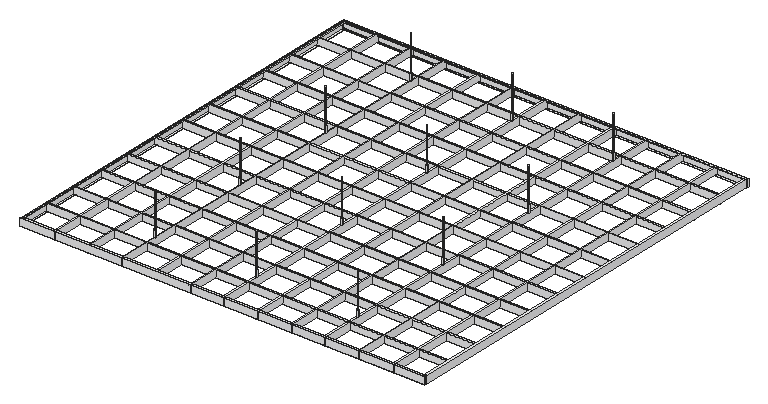
Revit family "FalsoTecho_THU_Rejilla-Milán-40", category Modelos genéricos, Revit 2016
Family settings
  Tipo de pieza = Normal
  Puede alojar armadura = No
  Cota de conector redondo = Diámetro de uso
  Número OmniClass = 23.35.70.24.11.17.14.11
  Título OmniClass = Metal Linear Ceilings
  Se basa en plano de trabajo = Sí
  Siempre vertical = No
  Corte con vacíos al cargar = Sí
  Compartido = No
  Punto de cálculo de habitación = No
Parameters (values of type "Aluminio_40x600x200x10")
  Tirantes_Separación real [instance] = (((Perfil secundario_Intereje * Bandejas_Recuento longitudinal) - Bandejas_Separación) - (Tirante inicial_Distancia a extremo * 2)) / (Tirantes_Recuento - 1)  # 630.167 mm
  Tirantes_Separación aproximada [instance] = 1000 mm  # constant formula
  Tirantes_Recuento [instance] = (((Perfil secundario_Intereje * Bandejas_Recuento longitudinal) - Bandejas_Separación) - (Tirante inicial_Distancia a extremo * 2)) / Tirantes_Separación aproximada + 2  # 4
  Tirante_Longitud [instance] = THU_Falso techo_Plenum altura  # 250 mm
  Tirante inicial_Distancia a extremo [instance] = if(Bandejas_Recuento longitudinal < 2, 25 mm, 250 mm)  # 250 mm
  THU_Velo = 1 > 2  # no
  THU_Subestructura_Material = "Aluminio"
  THU_Subestructura_Color [instance] = THU_Blanco-RAL9003
  THU_Reacción al fuego = "A2-s1, d0"
  THU_Perfil primario = Rastrel_THU_Milán : Rastrel_THU_Soporte 40
  THU_Falso techo_Área [instance] = ((Perfil secundario_Intereje * Bandejas_Recuento longitudinal) - Bandejas_Separación) * ((Perfil primario_Intereje * Bandejas_Recuento transversal) - Bandejas_Separación)  # 5.71449 m²
  THU_Falso techo_Plenum altura [instance] = 250 mm
  THU_Falso techo_Longitud [instance] = 2500 mm
  THU_Falso techo_Anchura [instance] = 2500 mm
  THU_Falso techo_Altura libre [instance] = 2500 mm
  THU_Bandeja_Material = "Aluminio"
  THU_Bandeja_Color [instance] = THU_Blanco-RAL9003
  THU_Bandeja = Bandeja_THU_Milán-40 : 200mm_(3x3 cuadrados)
  THU_Acabado = Acabado_THU_Bandejas : Liso
  Solape_Perfil y rastrel = Bandeja_Grosor  # 41 mm
  Rejilla_Separación tranversal = 193.7 mm
  Rejilla_Separación longitudinal = 193.7 mm
  Rejilla_Recuento transversal = 2
  Rejilla_Recuento longitudinal = 2
  Perfil_Altura = 41 mm  # constant formula
  Página web del producto = "http://thu.es/producto/rejilla-milan-cuadricula-milan/"
  Página web del fabricante = "http://thu.es/"
  Perfiles secundarios_Recuento [instance] = Bandejas_Recuento longitudinal - 1  # 3
  Perfiles primarios_Recuento [instance] = Bandejas_Recuento transversal - 1  # 3
  Perfil transversal_Rejilla_Longitud = Perfil secundario_Intereje - (Bandejas_Separación)  # 590.5 mm
  Perfil_Rejilla_Anchura = 9.5 mm  # constant formula
  Perfil_Rejilla_Altura = 41 mm  # constant formula
  Perfil secundario_Longitud [instance] = ((Perfil primario_Intereje * Bandejas_Recuento transversal) - Bandejas_Separación)  # 2390.5 mm
  Perfil secundario_Intereje = 600 mm
  Perfil primario_Longitud [instance] = ((Perfil secundario_Intereje * Bandejas_Recuento longitudinal) - Bandejas_Separación)  # 2390.5 mm
  Perfil primario_Intereje = 600 mm
  Perfil perimetral_Anchura [instance] = 15 mm  # constant formula
  Perfil perimetral trans_Longitud [instance] = Perfil secundario_Longitud + 2 mm  # 2392.5 mm
  Perfil perimetral long_Longitud [instance] = Perfil primario_Longitud - (Perfil perimetral_Anchura * 2) + 2 mm  # 2362.5 mm
  Perfil perimetral 04 [instance] = yes
  Perfil perimetral 03_Distancia a bandeja [instance] = (Bandejas_Recuento longitudinal * 590.5 mm) + ((Bandejas_Recuento longitudinal - 1) * (Bandejas_Separación)) + 5.8 mm  # 2396.3 mm
  Perfil perimetral 03 [instance] = yes
  Perfil perimetral 02_Distancia a bandeja [instance] = (Bandejas_Recuento transversal * 590.5 mm) + ((Bandejas_Recuento transversal - 1) * (Bandejas_Separación)) + 5.8 mm  # 2396.3 mm
  Perfil perimetral 02 [instance] = yes
  Perfil perimetral 01 y 04_Distancia a bandeja [instance] = Perfil perimetral_Anchura - 11.3 mm  # 3.7 mm
  Perfil perimetral 01 [instance] = yes
  Perfil perimetral [instance] = Perfiles perimetrales_THU : U40
  Perfil longitudinal_Rejilla_Longitud = Perfil primario_Intereje - (Bandejas_Separación)  # 590.5 mm
  País de fabricación = "España"
  País de diseño = "España"
  Omniclass = "23.35.70.24.11.17.14.11"
  Número de edición (versión) = 0
  Nombre del objeto = "Rejilla Milán 40"
  NBS Reference Description = "Board suspended ceiling system"
  NBS Reference = "20-10-10/110"
  Marca = "THU"
  Manual de montaje = "http://thu.es/wp-content/uploads/manuals/MM-Techos-Cuadricula-Milan.pdf"
  Fabricante = "THU Perfil S.L."
  Descripción = "Rejilla Milán en aluminio prelacado de altura 40 ó 50 mm y ancho de nervio 10mm, formando módulos de 600x600 mm con un tamaño de cuadrado interior según modelo. Los módulos de rejilla se insertan en una estructura formada por perfiles primarios y secundarios. La estructura se sustenta del forjado superior mediante piezas de cuelgue y varillas roscadas colocadas sobre los perfiles primarios. Dichos perfiles tienen el mismo ancho, alto y color que las rejillas.Existe una gran diversidad de rejillas. Por un lado se tienen las rejillas de altura 40 y 50 mm. A su vez cada uno de estos tipos se divide en rejillas de módulo: 50 (12x12 cuadrados), 60 (10x10), 75 (8x8), 86 (7x7), 100 (6x6), 150 (4x4) y 200 mm (3x3 cuadrados). El montaje de las rejillas se realiza en fábrica."
  Comentarios de tipo = "Falso techo decorativo suspendido de Rejilla/Cuadrícula Milán para ser montado en interior de edificios con perfilería THU T15."
  Bandejas_Recuento longitudinal [instance] = THU_Falso techo_Longitud / Perfil secundario_Intereje  # 4
  Bandejas_Recuento [instance] = Bandejas_Recuento longitudinal * Bandejas_Recuento transversal  # 16
  Inicio de extrusión = 0 mm  # constant formula
  IFC Classification = "Ceiling"
  Grupo del producto = "Lamas"
  Ficha técnica = "http://thu.es/wp-content/uploads/datasheets/ft-rejilla-milan-thu.pdf"
  Ficha resumen = "http://thu.es/wp-content/uploads/datasheets/THU_Techos_metalicos_Rejilla_cuadricula_Milan.pdf"
  Fecha de publicación del objeto BIM = ""
  Famila del producto = "Techos metálicos"
  Falso techo_Grosor = Bandeja_Grosor  # 41 mm
  Default Elevation = 0 mm
  Declaración de prestaciones = "http://thu.es/wp-content/uploads/declarations/dp_bandejas_milan.pdf"
  COBie Type Category = "L387 : Suspended ceilings"
  Bandejas_Separación = 9.5 mm  # constant formula
  Bandejas_Recuento transversal [instance] = THU_Falso techo_Anchura / Perfil primario_Intereje  # 4
  Bandeja_Grosor = Perfil_Rejilla_Altura  # 41 mm
Types (7, lengths in mm): name | THU_Bandeja | Rejilla_Separación tranversal | Rejilla_Separación longitudinal | Rejilla_Recuento transversal | Rejilla_Recuento longitudinal
  Aluminio_40x600x50x10 | Bandeja_THU_Milán-40 : 50mm_(12x12 cuadrados) | 41.292 | 41.292 | 11 | 11
  Aluminio_40x600x60x10 | Bandeja_THU_Milán-40 : 60mm_(10x10 cuadrados) | 51.45 | 51.45 | 9 | 9
  Aluminio_40x600x75x10 | Bandeja_THU_Milán-40 : 75mm_(8x8 cuadrados) | 66.688 | 66.688 | 7 | 7
  Aluminio_40x600x86x10 | Bandeja_THU_Milán-40 : 86mm_(7x7 cuadrados) | 77.571 | 77.571 | 6 | 6
  Aluminio_40x600x100x10 | Bandeja_THU_Milán-40 : 100mm_(6x6 cuadrados) | 92.083 | 92.083 | 5 | 5
  Aluminio_40x600x150x10 | Bandeja_THU_Milán-40 : 150mm_(4x4 cuadrados) | 142.875 | 142.875 | 3 | 3
  Aluminio_40x600x200x10 | Bandeja_THU_Milán-40 : 200mm_(3x3 cuadrados) | 193.7 | 193.7 | 2 | 2
Reference planes
  plane 1 "Centro (Frontal/Posterior)": y = 0
  plane 2: z = 0
  plane 3 "Centro (Izquierda/Derecha)": x = 0
  plane 4 "Bandejas_Límite inferior": z = 2500
  plane 5 "Rastreles_Límite inferior": z = 2500
  plane 6 "Rastreles_Límite superior": z = 2541
  plane 7 "Bandejas_Límite superior": z = 2541
  plane 8 "Tirantes_Parte superior": z = 2791
  plane 9 "Falso techo_Límite derecho": x = 2500
  plane 10 "Falso techo_Límite superior": y = 2500
Dimensions and locks
  "Perfil_Altura": plane 6 "Rastreles_Límite superior" to plane 5 "Rastreles_Límite inferior"
  "THU_Falso techo_Altura libre": level to plane 4 "Bandejas_Límite inferior"
  "Bandeja_Grosor": plane 7 "Bandejas_Límite superior" to plane 4 "Bandejas_Límite inferior"
  "Solape_Perfil y rastrel": plane 7 "Bandejas_Límite superior" to plane 5 "Rastreles_Límite inferior"
  "THU_Falso techo_Plenum altura": plane 8 "Tirantes_Parte superior" to plane 6 "Rastreles_Límite superior"
  "THU_Falso techo_Anchura": plane 3 "Centro (Izquierda/Derecha)" to plane 9 "Falso techo_Límite derecho"
  "THU_Falso techo_Longitud": plane 1 "Centro (Frontal/Posterior)" to plane 10 "Falso techo_Límite superior"
  "Perfil primario_Intereje": plane 3 "Centro (Izquierda/Derecha)" to nested 1
  equal spacing: group 1, group 2, group 3  (x3)
  "Perfil primario_Intereje": nested 1 to nested 2
  "Perfil secundario_Intereje": plane 1 "Centro (Frontal/Posterior)" to nested 4
  equal spacing: group 4, group 5, group 6  (x3)
  "Perfil secundario_Intereje": nested 4 to nested 5
  equal spacing: group 7, group 8, group 9, group 10  (x3)
  "Perfil perimetral 02_Distancia a bandeja": plane 3 "Centro (Izquierda/Derecha)" to nested 12
  "Perfil perimetral 03_Distancia a bandeja": plane 1 "Centro (Frontal/Posterior)" to nested 13
  "Perfil perimetral 01 y 04_Distancia a bandeja": plane 3 "Centro (Izquierda/Derecha)" to nested 11
  "Perfil perimetral 01 y 04_Distancia a bandeja": plane 3 "Centro (Izquierda/Derecha)" to nested 13
  aligned and locked: level to plane 2
  aligned and locked: nested 1 to plane 5 "Rastreles_Límite inferior"
  aligned and locked: nested 2 to plane 5 "Rastreles_Límite inferior"
  aligned and locked: nested 4 to plane 5 "Rastreles_Límite inferior"
  aligned and locked: nested 5 to plane 5 "Rastreles_Límite inferior"
  aligned and locked: plane 4 "Bandejas_Límite inferior" to nested 7
  aligned and locked: plane 4 "Bandejas_Límite inferior" to nested 8
  aligned and locked: nested 11 to nested 1
  aligned and locked: nested 11 to nested 14
  aligned and locked: nested 14 to nested 7
  aligned and locked: nested 12 to nested 11
Nested families
  nested 1: "Rastrel_THU_Milán" at (600, 4.8, 2500), Tirante inicial_Distancia a extremo <- "Tirante inicial_Distancia a extremo", Tirante_Longitud <- "Tirante_Longitud", Tirantes_Recuento <- "Tirantes_Recuento", THU_Color <- "THU_Subestructura_Color", Rastrel_Longitud <- "Perfil primario_Longitud", Rastrel_Altura <- "Perfil_Altura", THU_Material <- "THU_Subestructura_Material", type "Rastrel_THU_Soporte 40"
    with Tirantes_Recuento 4, Tirantes yes, Tirante_Longitud 250 mm, Tirante inicial_Distancia a extremo 250 mm, THU_Recuento (ml) 2390.5 mm, THU_Material "Aluminio", THU_Color THU_Blanco-RAL9003, Rastrel_Longitud 2390.5 mm, Rastrel_Anchura 9.5 mm, Rastrel_Altura 41 mm
  nested 2: "Rastrel_THU_Milán" at (1200, 4.8, 2500), Tirante inicial_Distancia a extremo <- "Tirante inicial_Distancia a extremo", Tirante_Longitud <- "Tirante_Longitud", Tirantes_Recuento <- "Tirantes_Recuento", THU_Color <- "THU_Subestructura_Color", Rastrel_Longitud <- "Perfil primario_Longitud", Rastrel_Altura <- "Perfil_Altura", THU_Material <- "THU_Subestructura_Material", type "Rastrel_THU_Soporte 40"
    with Tirantes_Recuento 4, Tirantes yes, Tirante_Longitud 250 mm, Tirante inicial_Distancia a extremo 250 mm, THU_Recuento (ml) 2390.5 mm, THU_Material "Aluminio", THU_Color THU_Blanco-RAL9003, Rastrel_Longitud 2390.5 mm, Rastrel_Anchura 9.5 mm, Rastrel_Altura 41 mm
  nested 3: "Rastrel_THU_Milán" at (1800, 4.8, 2500), Tirante inicial_Distancia a extremo <- "Tirante inicial_Distancia a extremo", Tirante_Longitud <- "Tirante_Longitud", Tirantes_Recuento <- "Tirantes_Recuento", THU_Color <- "THU_Subestructura_Color", Rastrel_Longitud <- "Perfil primario_Longitud", Rastrel_Altura <- "Perfil_Altura", THU_Material <- "THU_Subestructura_Material", type "Rastrel_THU_Soporte 40"
    with Tirantes_Recuento 4, Tirantes yes, Tirante_Longitud 250 mm, Tirante inicial_Distancia a extremo 250 mm, THU_Recuento (ml) 2390.5 mm, THU_Material "Aluminio", THU_Color THU_Blanco-RAL9003, Rastrel_Longitud 2390.5 mm, Rastrel_Anchura 9.5 mm, Rastrel_Altura 41 mm
  nested 4: "Rastrel_THU_Milán" at (4.8, 600, 2500) x (0, -1, 0) z (0, 0, 1), Tirante inicial_Distancia a extremo <- "Tirante inicial_Distancia a extremo", Tirante_Longitud <- "Tirante_Longitud", Tirantes_Recuento <- "Tirantes_Recuento", THU_Color <- "THU_Subestructura_Color", Rastrel_Longitud <- "Perfil secundario_Longitud", Rastrel_Altura <- "Perfil_Altura", THU_Material <- "THU_Subestructura_Material", type "Rastrel_THU_Soporte 40"
    with Tirantes_Recuento 4, Tirantes no, Tirante_Longitud 250 mm, Tirante inicial_Distancia a extremo 250 mm, THU_Recuento (ml) 2390.5 mm, THU_Material "Aluminio", THU_Color THU_Blanco-RAL9003, Rastrel_Longitud 2390.5 mm, Rastrel_Anchura 9.5 mm, Rastrel_Altura 41 mm
  nested 5: "Rastrel_THU_Milán" at (4.8, 1200, 2500) x (0, -1, 0) z (0, 0, 1), Tirante inicial_Distancia a extremo <- "Tirante inicial_Distancia a extremo", Tirante_Longitud <- "Tirante_Longitud", Tirantes_Recuento <- "Tirantes_Recuento", THU_Color <- "THU_Subestructura_Color", Rastrel_Longitud <- "Perfil secundario_Longitud", Rastrel_Altura <- "Perfil_Altura", THU_Material <- "THU_Subestructura_Material", type "Rastrel_THU_Soporte 40"
    with Tirantes_Recuento 4, Tirantes no, Tirante_Longitud 250 mm, Tirante inicial_Distancia a extremo 250 mm, THU_Recuento (ml) 2390.5 mm, THU_Material "Aluminio", THU_Color THU_Blanco-RAL9003, Rastrel_Longitud 2390.5 mm, Rastrel_Anchura 9.5 mm, Rastrel_Altura 41 mm
  nested 6: "Rastrel_THU_Milán" at (4.8, 1800, 2500) x (0, -1, 0) z (0, 0, 1), Tirante inicial_Distancia a extremo <- "Tirante inicial_Distancia a extremo", Tirante_Longitud <- "Tirante_Longitud", Tirantes_Recuento <- "Tirantes_Recuento", THU_Color <- "THU_Subestructura_Color", Rastrel_Longitud <- "Perfil secundario_Longitud", Rastrel_Altura <- "Perfil_Altura", THU_Material <- "THU_Subestructura_Material", type "Rastrel_THU_Soporte 40"
    with Tirantes_Recuento 4, Tirantes no, Tirante_Longitud 250 mm, Tirante inicial_Distancia a extremo 250 mm, THU_Recuento (ml) 2390.5 mm, THU_Material "Aluminio", THU_Color THU_Blanco-RAL9003, Rastrel_Longitud 2390.5 mm, Rastrel_Anchura 9.5 mm, Rastrel_Altura 41 mm
  nested 7: "Bandeja_THU_Milán-40" at (4.75, -4.75, 2500), Inicio de extrusión <- "Inicio de extrusión", Perfil longitudinal_Rejilla_Longitud <- "Perfil longitudinal_Rejilla_Longitud", Perfil transversal_Rejilla_Longitud <- "Perfil transversal_Rejilla_Longitud", Perfil_Rejilla_Altura <- "Perfil_Rejilla_Altura", Perfil_Rejilla_Anchura <- "Perfil_Rejilla_Anchura", Rejilla_Recuento longitudinal <- "Rejilla_Recuento longitudinal", Rejilla_Recuento transversal <- "Rejilla_Recuento transversal", Rejilla_Separación longitudinal <- "Rejilla_Separación longitudinal", Rejilla_Separación transversal <- "Rejilla_Separación tranversal", THU_Color <- "THU_Bandeja_Color", THU_Material <- "THU_Bandeja_Material", Bandejas_Separación <- "Bandejas_Separación", Bandejas_Recuento transversal <- "Bandejas_Recuento transversal", type <- "THU_Bandeja", type "200mm_(3x3 cuadrados)"
    with Tipo de bandeja none, THU_Recuento (ud) 4, THU_Material "Aluminio", THU_Color THU_Blanco-RAL9003, Rejilla_Separación transversal 193.7 mm, Rejilla_Separación longitudinal 193.7 mm, Rejilla_Recuento transversal 2, Rejilla_Recuento longitudinal 2, Perfil_Rejilla_Anchura 9.5 mm, Perfil_Rejilla_Altura 41 mm, Perfil transversal_Rejilla_Longitud 590.5 mm, Perfil longitudinal_Rejilla_Longitud 590.5 mm, Inicio de extrusión 0 mm, Bandejas_Separación 9.5 mm, Bandejas_Recuento transversal 4
  nested 8: "Bandeja_THU_Milán-40" at (4.75, 595.25, 2500), Inicio de extrusión <- "Inicio de extrusión", Perfil longitudinal_Rejilla_Longitud <- "Perfil longitudinal_Rejilla_Longitud", Perfil transversal_Rejilla_Longitud <- "Perfil transversal_Rejilla_Longitud", Perfil_Rejilla_Altura <- "Perfil_Rejilla_Altura", Perfil_Rejilla_Anchura <- "Perfil_Rejilla_Anchura", Rejilla_Recuento longitudinal <- "Rejilla_Recuento longitudinal", Rejilla_Recuento transversal <- "Rejilla_Recuento transversal", Rejilla_Separación longitudinal <- "Rejilla_Separación longitudinal", Rejilla_Separación transversal <- "Rejilla_Separación tranversal", THU_Color <- "THU_Bandeja_Color", THU_Material <- "THU_Bandeja_Material", Bandejas_Separación <- "Bandejas_Separación", Bandejas_Recuento transversal <- "Bandejas_Recuento transversal", type <- "THU_Bandeja", type "200mm_(3x3 cuadrados)"
    with Tipo de bandeja none, THU_Recuento (ud) 4, THU_Material "Aluminio", THU_Color THU_Blanco-RAL9003, Rejilla_Separación transversal 193.7 mm, Rejilla_Separación longitudinal 193.7 mm, Rejilla_Recuento transversal 2, Rejilla_Recuento longitudinal 2, Perfil_Rejilla_Anchura 9.5 mm, Perfil_Rejilla_Altura 41 mm, Perfil transversal_Rejilla_Longitud 590.5 mm, Perfil longitudinal_Rejilla_Longitud 590.5 mm, Inicio de extrusión 0 mm, Bandejas_Separación 9.5 mm, Bandejas_Recuento transversal 4
  nested 9: "Bandeja_THU_Milán-40" at (4.75, 1195.25, 2500), Inicio de extrusión <- "Inicio de extrusión", Perfil longitudinal_Rejilla_Longitud <- "Perfil longitudinal_Rejilla_Longitud", Perfil transversal_Rejilla_Longitud <- "Perfil transversal_Rejilla_Longitud", Perfil_Rejilla_Altura <- "Perfil_Rejilla_Altura", Perfil_Rejilla_Anchura <- "Perfil_Rejilla_Anchura", Rejilla_Recuento longitudinal <- "Rejilla_Recuento longitudinal", Rejilla_Recuento transversal <- "Rejilla_Recuento transversal", Rejilla_Separación longitudinal <- "Rejilla_Separación longitudinal", Rejilla_Separación transversal <- "Rejilla_Separación tranversal", THU_Color <- "THU_Bandeja_Color", THU_Material <- "THU_Bandeja_Material", Bandejas_Separación <- "Bandejas_Separación", Bandejas_Recuento transversal <- "Bandejas_Recuento transversal", type <- "THU_Bandeja", type "200mm_(3x3 cuadrados)"
    with Tipo de bandeja none, THU_Recuento (ud) 4, THU_Material "Aluminio", THU_Color THU_Blanco-RAL9003, Rejilla_Separación transversal 193.7 mm, Rejilla_Separación longitudinal 193.7 mm, Rejilla_Recuento transversal 2, Rejilla_Recuento longitudinal 2, Perfil_Rejilla_Anchura 9.5 mm, Perfil_Rejilla_Altura 41 mm, Perfil transversal_Rejilla_Longitud 590.5 mm, Perfil longitudinal_Rejilla_Longitud 590.5 mm, Inicio de extrusión 0 mm, Bandejas_Separación 9.5 mm, Bandejas_Recuento transversal 4
  nested 10: "Bandeja_THU_Milán-40" at (4.75, 1795.25, 2500), Inicio de extrusión <- "Inicio de extrusión", Perfil longitudinal_Rejilla_Longitud <- "Perfil longitudinal_Rejilla_Longitud", Perfil transversal_Rejilla_Longitud <- "Perfil transversal_Rejilla_Longitud", Perfil_Rejilla_Altura <- "Perfil_Rejilla_Altura", Perfil_Rejilla_Anchura <- "Perfil_Rejilla_Anchura", Rejilla_Recuento longitudinal <- "Rejilla_Recuento longitudinal", Rejilla_Recuento transversal <- "Rejilla_Recuento transversal", Rejilla_Separación longitudinal <- "Rejilla_Separación longitudinal", Rejilla_Separación transversal <- "Rejilla_Separación tranversal", THU_Color <- "THU_Bandeja_Color", THU_Material <- "THU_Bandeja_Material", Bandejas_Separación <- "Bandejas_Separación", Bandejas_Recuento transversal <- "Bandejas_Recuento transversal", type <- "THU_Bandeja", type "200mm_(3x3 cuadrados)"
    with Tipo de bandeja none, THU_Recuento (ud) 4, THU_Material "Aluminio", THU_Color THU_Blanco-RAL9003, Rejilla_Separación transversal 193.7 mm, Rejilla_Separación longitudinal 193.7 mm, Rejilla_Recuento transversal 2, Rejilla_Recuento longitudinal 2, Perfil_Rejilla_Anchura 9.5 mm, Perfil_Rejilla_Altura 41 mm, Perfil transversal_Rejilla_Longitud 590.5 mm, Perfil longitudinal_Rejilla_Longitud 590.5 mm, Inicio de extrusión 0 mm, Bandejas_Separación 9.5 mm, Bandejas_Recuento transversal 4
  nested 11: "Perfiles perimetrales_THU" at (3.7, 3.8, 2500) x (0, 1, 0) z (0, 0, 1), THU_Color <- "THU_Subestructura_Color", THU_Material <- "THU_Subestructura_Material", Perfil_Anchura <- "Perfil perimetral_Anchura", type <- "Perfil perimetral", visible <- "Perfil perimetral 01", Perfil_Longitud <- "Perfil perimetral trans_Longitud", type "U40"
    with THU_Recuento (ml) 2392.5 mm, THU_Material "Aluminio", THU_Color THU_Blanco-RAL9003, Perfil_Longitud 2392.5 mm, Perfil_Anchura 15 mm
  nested 12: "Perfiles perimetrales_THU" at (2396.3, 18.8, 2500) x (-1, 0, 0) z (0, 0, 1), THU_Color <- "THU_Subestructura_Color", THU_Material <- "THU_Subestructura_Material", Perfil_Anchura <- "Perfil perimetral_Anchura", type <- "Perfil perimetral", visible <- "Perfil perimetral 02", Perfil_Longitud <- "Perfil perimetral long_Longitud", type "U40"
    with THU_Recuento (ml) 2362.5 mm, THU_Material "Aluminio", THU_Color THU_Blanco-RAL9003, Perfil_Longitud 2362.5 mm, Perfil_Anchura 15 mm
  nested 13: "Perfiles perimetrales_THU" at (3.7, 2396.3, 2500) x (0, -1, 0) z (0, 0, 1), THU_Color <- "THU_Subestructura_Color", THU_Material <- "THU_Subestructura_Material", Perfil_Anchura <- "Perfil perimetral_Anchura", type <- "Perfil perimetral", visible <- "Perfil perimetral 03", Perfil_Longitud <- "Perfil perimetral trans_Longitud", type "U40"
    with THU_Recuento (ml) 2392.5 mm, THU_Material "Aluminio", THU_Color THU_Blanco-RAL9003, Perfil_Longitud 2392.5 mm, Perfil_Anchura 15 mm
  nested 14: "Perfiles perimetrales_THU" at (3.75, 18.8, 2500), THU_Color <- "THU_Subestructura_Color", THU_Material <- "THU_Subestructura_Material", Perfil_Anchura <- "Perfil perimetral_Anchura", type <- "Perfil perimetral", visible <- "Perfil perimetral 04", Perfil_Longitud <- "Perfil perimetral long_Longitud", type "U40"
    with THU_Recuento (ml) 2362.5 mm, THU_Material "Aluminio", THU_Color THU_Blanco-RAL9003, Perfil_Longitud 2362.5 mm, Perfil_Anchura 15 mm
Definition of nested family "Rastrel_THU_Milán"
  Parameters (values of type "Rastrel_THU_Soporte 40")
    Tirantes_Recuento [instance] = 2
    Tirantes [instance] = yes
    Tirante_Longitud [instance] = 250 mm
    Tirante inicial_Distancia a extremo [instance] = 100 mm
    THU_Recuento (ml) [instance] = Rastrel_Longitud  # 1000 mm
    THU_Mediciones = 1 < 2  # yes
    THU_Material [instance] = "Aluminio"
    THU_Color [instance] = none
    Rastrel_Longitud [instance] = 1000 mm
    Rastrel_Anchura [instance] = 9.5 mm  # constant formula
    Rastrel_Altura [instance] = 40 mm
    Nombre del objeto = "Rastrel Milán"
    Default Elevation = 0 mm
  Types (2, lengths in mm): name | Rastrel_Altura
    Rastrel_THU_Soporte 40 | 40
    Rastrel_THU_Soporte 50 | 50
  Reference planes
    plane 1 "Centro (Frontal/Posterior)": y = 0
    plane 2: z = 0
    plane 3 "Centro (Izquierda/Derecha)": x = 0
    plane 4 "Rastrel_Cara superior": z = 40
  Forms (mm)
    Extrusion 1, solid, material <- "THU_Color", detail levels medium+fine
      sketch origin (0, 0, 0) x (1, 0, 0) y (0, 0, 1)
        loop
          line (-4.75, 0) -> (4.75, 0) -> (4.75, 40) -> (-4.75, 40) -> (-4.75, 0)
      from -1000 to 0
  Dimensions and locks
    equal spacing: Extrusion 1, plane 3 "Centro (Izquierda/Derecha)", Extrusion 1
    "Rastrel_Altura": plane 4 "Rastrel_Cara superior" to plane 2
    "Rastrel_Anchura": Extrusion 1 to Extrusion 1
    "Rastrel_Longitud": plane 1 "Centro (Frontal/Posterior)" to Extrusion 1
    "Rastrel_Altura": Extrusion 1 sketch curve to level
    "Tirante inicial_Distancia a extremo": plane 1 "Centro (Frontal/Posterior)" to nested 1
    group 1 to group 2 = 0 mm  (x2)
    group 1 to group 2 = 800 mm
    "Tirante inicial_Distancia a extremo": Extrusion 1 to nested 2
    aligned and locked: level to plane 2
    aligned and locked: plane 1 "Centro (Frontal/Posterior)" to Extrusion 1
    aligned and locked: Extrusion 1 to plane 1 "Centro (Frontal/Posterior)"
    aligned and locked: plane 3 "Centro (Izquierda/Derecha)" to nested 1
    aligned and locked: plane 3 "Centro (Izquierda/Derecha)" to nested 2
    aligned and locked: nested 1 to plane 4 "Rastrel_Cara superior"
    aligned and locked: nested 2 to plane 4 "Rastrel_Cara superior"
  Automatic sketch dimensions
    Extrusion 1 sketch curve to level = 0 mm
    Extrusion 1 sketch curve to plane 3 "Centro (Izquierda/Derecha)" = 4.75 mm
    plane 3 "Centro (Izquierda/Derecha)" to Extrusion 1 sketch curve = 4.75 mm
  Nested families
    nested 1: "Tirantes_THU" at (0, 100, 40), Tirante_Material <- "THU_Color", Tirante_Longitud <- "Tirante_Longitud", visible <- "Tirantes", type "Tirante - Rastreles", detail levels fine
      with Tirante_Material none, Tirante_Longitud 250 mm
    nested 2: "Tirantes_THU" at (0, 900, 40), Tirante_Material <- "THU_Color", Tirante_Longitud <- "Tirante_Longitud", visible <- "Tirantes", type "Tirante - Rastreles", detail levels fine
      with Tirante_Material none, Tirante_Longitud 250 mm
  Definition of nested family "Tirantes_THU"
    Parameters (values of type "Tirante - Perfil triangular")
      Tirante_Material [instance] = none
      Tirante_Longitud [instance] = 250 mm
      Pieza de cuelgue_Altura = 20 mm
      Pieza de cualgue_Anchura = 26 mm
      Perfiles = no
      Perfil triangular = yes
      Rastreles = no
      Default Elevation = 0 mm
    Types (3, lengths in mm): name | Pieza de cuelgue_Altura | Pieza de cualgue_Anchura | Perfiles | Perfil triangular | Rastreles
      Tirante - Rastreles | 40 | 10 | no | no | yes
      Tirante - Perfil triangular | 20 | 26 | no | yes | no
      Tirante - Perfiles | 20 | 10.5 | yes | no | no
    Reference planes
      plane 1 "Centro (Frontal/Posterior)": y = 0
      plane 2: z = 0
      plane 3 "Centro (Izquierda/Derecha)": x = 0
      plane 4 "Perfil_Cara superior": z = 20
      plane 5 "Tirantes_Límite superior": z = 250
      plane 6 "Pieza de cuelgue_Lateral izquierdo": x = -13
      plane 7 "Pieza de cuelgue_Lateral derecho": x = 13
    Forms (mm)
      Extrusion 1, solid, material <- "Tirante_Material"
        sketch origin (0, 0, 0) x (1, 0, 0) y (0, 1, 0)
          loop
            circle (0, 0) r 1.5
        from 20 to 250
      Extrusion 2, solid, material <- "Tirante_Material", visible <- "Perfiles"
        sketch origin (0, 0, 0) x (1, 0, 0) y (0, 0, 1)
          loop
            line (-13, 20) -> (-13, 0) -> (-8.759, 0) -> (-8.759, 2) -> (-10.518, 2) -> (-10.518, 11) -> (10.518, 11) -> (10.518, 2) -> (8.759, 2) -> (8.759, 0) -> (13, 0) -> (13, 20) -> (-13, 20)
        from -1 to 1
      Extrusion 3, solid, material <- "Tirante_Material", visible <- "Perfil triangular"
        sketch origin (0, 0, 0) x (1, 0, 0) y (0, 0, 1)
          loop
            line (0, 20) -> (-13, 20) -> (-13, 18) -> (-1, 18) -> (-1, 2.022) -> (-13, 2.022) -> (-13, 0) -> (0, 0) -> (13, 0) -> (13, 2.022) -> (1, 2.022) -> (1, 18) -> (13, 18) -> (13, 20) -> (0, 20)
        from -7.5 to 7.5
      Extrusion 4, solid, material <- "Tirante_Material", visible <- "Rastreles"
        sketch origin (0, 0, 0) x (1, 0, 0) y (0, 0, 1)
          loop
            line (-13, 0) -> (13, 0) -> (13, 20) -> (-13, 20) -> (-13, 0)
        from -1 to 1
    Dimensions and locks
      equal spacing: Extrusion 2, plane 1 "Centro (Frontal/Posterior)", Extrusion 2
      "Tirante_Longitud": plane 5 "Tirantes_Límite superior" to level
      "Pieza de cuelgue_Altura": plane 4 "Perfil_Cara superior" to level
      "Pieza de cualgue_Anchura": plane 7 "Pieza de cuelgue_Lateral derecho" to plane 6 "Pieza de cuelgue_Lateral izquierdo"
      equal spacing: plane 7 "Pieza de cuelgue_Lateral derecho", plane 3 "Centro (Izquierda/Derecha)", plane 6 "Pieza de cuelgue_Lateral izquierdo"
      locked: Extrusion 2 sketch curve to Extrusion 2 sketch curve at 2.482  (x2)
      locked: Extrusion 2 sketch curve to Extrusion 2 sketch curve at 9
      locked: Extrusion 2 sketch curve to Extrusion 2 sketch curve at 4.241  (x2)
      locked: Extrusion 3 sketch curve to Extrusion 3 sketch curve at 2  (x2)
      locked: Extrusion 3 sketch curve to Extrusion 3 sketch curve at 2.022
      aligned and locked: level to plane 2
      aligned and locked: plane 5 "Tirantes_Límite superior" to Extrusion 1
      aligned and locked: Extrusion 1 to plane 4 "Perfil_Cara superior"
      aligned and locked: Extrusion 1 to Extrusion 2
      aligned and locked: Extrusion 2 to level
      aligned and locked: Extrusion 3 sketch curve to Extrusion 3 sketch curve  (x4)
      aligned and locked: plane 4 "Perfil_Cara superior" to Extrusion 4 sketch curve
      aligned and locked: plane 7 "Pieza de cuelgue_Lateral derecho" to Extrusion 4 sketch curve
      aligned and locked: Extrusion 4 sketch curve to plane 6 "Pieza de cuelgue_Lateral izquierdo"
      aligned and locked: plane 6 "Pieza de cuelgue_Lateral izquierdo" to Extrusion 2 sketch curve
      aligned and locked: Extrusion 3 sketch curve to plane 7 "Pieza de cuelgue_Lateral derecho"
      aligned and locked: Extrusion 3 sketch curve to plane 6 "Pieza de cuelgue_Lateral izquierdo"
      aligned and locked: Extrusion 2 sketch curve to Extrusion 2 sketch curve
    Automatic sketch dimensions
      plane 1 "Centro (Frontal/Posterior)" to Extrusion 1 sketch curve = 0 mm
      Extrusion 1 sketch curve to plane 3 "Centro (Izquierda/Derecha)" = 0 mm
      Extrusion 2 sketch curve to level = 0 mm  (x2)
      Extrusion 2 sketch curve to plane 4 "Perfil_Cara superior" = 0 mm
      level to Extrusion 2 sketch curve = 2 mm
      Extrusion 3 sketch curve to plane 4 "Perfil_Cara superior" = 0 mm
      Extrusion 3 sketch curve to level = 0 mm
      Extrusion 3 sketch curve to plane 3 "Centro (Izquierda/Derecha)" = 0 mm  (x2)
      plane 3 "Centro (Izquierda/Derecha)" to Extrusion 3 sketch curve = 1 mm
      Extrusion 2 sketch curve to plane 7 "Pieza de cuelgue_Lateral derecho" = 0 mm
      Extrusion 4 sketch curve to level = 0 mm
      radius of Extrusion 1 sketch curve = 1.5 mm
Definition of nested family "Bandeja_THU_Milán-40"
  Parameters (values of type "86mm_(7x7 cuadrados)")
    Tipo de bandeja [instance] = Rejilla_THU_Milán-40 : 86mm_(7x7 cuadrados)
    THU_Recuento (ud) [instance] = Bandejas_Recuento transversal  # 2
    THU_Mediciones = 1 < 2  # yes
    THU_Material [instance] = "Aluminio"
    THU_Color [instance] = none
    Rejilla_Separación transversal [instance] = 77.571 mm
    Rejilla_Separación longitudinal [instance] = 77.571 mm
    Rejilla_Recuento transversal [instance] = 6
    Rejilla_Recuento longitudinal [instance] = 6
    Perfil_Rejilla_Anchura [instance] = 9.5 mm
    Perfil_Rejilla_Altura [instance] = 41 mm
    Perfil transversal_Rejilla_Longitud [instance] = 590.5 mm
    Perfil longitudinal_Rejilla_Longitud [instance] = 590.5 mm
    Nombre del objeto = "Rejilla Milán"
    Inicio de extrusión [instance] = 0 mm
    Default Elevation = 0 mm
    Bandejas_Recuento transversal [instance] = 2
    Bandejas_Separación [instance] = 9.5 mm
  Types (7, lengths in mm): name | Tipo de bandeja | Rejilla_Separación transversal | Rejilla_Separación longitudinal | Rejilla_Recuento transversal | Rejilla_Recuento longitudinal
    150mm_(4x4 cuadrados) | Rejilla_THU_Milán-40 : 150mm_(4x4 cuadrados) | 142.9 | 142.9 | 3 | 3
    100mm_(6x6 cuadrados) | Rejilla_THU_Milán-40 : 100mm_(6x6 cuadrados) | 92.083 | 92.083 | 5 | 5
    86mm_(7x7 cuadrados) | Rejilla_THU_Milán-40 : 86mm_(7x7 cuadrados) | 77.571 | 77.571 | 6 | 6
    75mm_(8x8 cuadrados) | Rejilla_THU_Milán-40 : 75mm_(8x8 cuadrados) | 66.688 | 66.688 | 7 | 7
    60mm_(10x10 cuadrados) | Rejilla_THU_Milán-40 : 60mm_(10x10 cuadrados) | 51.45 | 51.45 | 9 | 9
    50mm_(12x12 cuadrados) | Rejilla_THU_Milán-40 : 50mm_(12x12 cuadrados) | 41.292 | 41.292 | 11 | 11
    200mm_(3x3 cuadrados) | Rejilla_THU_Milán-40 : 200mm_(3x3 cuadrados) | 193.7 | 193.7 | 2 | 2
  Reference planes
    plane 1 "Centro (Frontal/Posterior)": y = 0
    plane 2: z = 0
    plane 3 "Centro (Izquierda/Derecha)": x = 0
  Lines and regions (mm)
    reference lines
      curve 1: line (0, 0, 0) -> (0, 600, 0)
      curve 2: line (0, 0, 0) -> (600, 0, 0)
      curve 3: line (600, 0, 0) -> (600, 600, 0)
      curve 4: line (600, 0, 0) -> (1200, 0, 0)
  Dimensions and locks
    group 1 to group 2 = 600 mm
    group 1 to group 2 = 0 mm  (x2)
    "Bandejas_Separación": nested 1 to nested 2
    aligned and locked: level to plane 2
    aligned and locked: curve 1 to nested 1
  Automatic sketch dimensions
    curve 1 to curve 1 = 600 mm
    curve 1 to curve 2 = 600 mm
    curve 3 to curve 3 = 600 mm
    curve 3 to curve 4 = 600 mm
  Nested families
    nested 1: "Rejilla_THU_Milán-40" at (0, 600, 0), type <- "Tipo de bandeja", Perfil longitudinal_Rejilla_Longitud <- "Perfil longitudinal_Rejilla_Longitud", Perfil transversal_Rejilla_Longitud <- "Perfil transversal_Rejilla_Longitud", Perfil_Rejilla_Anchura <- "Perfil_Rejilla_Anchura", Rejilla_Separación longitudinal <- "Rejilla_Separación longitudinal", Rejilla_Separación transversal <- "Rejilla_Separación transversal", Color <- "THU_Color", Material <- "THU_Material", Inicio de extrusión <- "Inicio de extrusión", Perfil_Rejilla_Altura <- "Perfil_Rejilla_Altura", Rejilla_Recuento longitudinal <- "Rejilla_Recuento longitudinal", Rejilla_Recuento transversal <- "Rejilla_Recuento transversal", type "86mm_(7x7 cuadrados)"
      with Rejilla_Separación transversal 77.571 mm, Rejilla_Separación longitudinal 77.571 mm, Rejilla_Recuento transversal 6, Rejilla_Recuento longitudinal 6, Perfil_Rejilla_Anchura 9.5 mm, Perfil_Rejilla_Altura 41 mm, Perfil transversal_Rejilla_Longitud 590.5 mm, Perfil longitudinal_Rejilla_Longitud 590.5 mm, Material "Aluminio", Inicio de extrusión 0 mm, Color none
    nested 2: "Rejilla_THU_Milán-40" at (600, 600, 0), type <- "Tipo de bandeja", Perfil longitudinal_Rejilla_Longitud <- "Perfil longitudinal_Rejilla_Longitud", Perfil transversal_Rejilla_Longitud <- "Perfil transversal_Rejilla_Longitud", Perfil_Rejilla_Anchura <- "Perfil_Rejilla_Anchura", Rejilla_Separación longitudinal <- "Rejilla_Separación longitudinal", Rejilla_Separación transversal <- "Rejilla_Separación transversal", Color <- "THU_Color", Material <- "THU_Material", Inicio de extrusión <- "Inicio de extrusión", Perfil_Rejilla_Altura <- "Perfil_Rejilla_Altura", Rejilla_Recuento longitudinal <- "Rejilla_Recuento longitudinal", Rejilla_Recuento transversal <- "Rejilla_Recuento transversal", type "86mm_(7x7 cuadrados)"
      with Rejilla_Separación transversal 77.571 mm, Rejilla_Separación longitudinal 77.571 mm, Rejilla_Recuento transversal 6, Rejilla_Recuento longitudinal 6, Perfil_Rejilla_Anchura 9.5 mm, Perfil_Rejilla_Altura 41 mm, Perfil transversal_Rejilla_Longitud 590.5 mm, Perfil longitudinal_Rejilla_Longitud 590.5 mm, Material "Aluminio", Inicio de extrusión 0 mm, Color none
  Definition of nested family "Rejilla_THU_Milán-40"
    Parameters (values of type "200mm_(3x3 cuadrados)")
      Rejilla_Separación transversal [instance] = 193.7 mm
      Rejilla_Separación longitudinal [instance] = 193.7 mm
      Rejilla_Recuento transversal [instance] = 2
      Rejilla_Recuento longitudinal [instance] = 2
      Perfil transversal_Rejilla_Longitud [instance] = 600 mm
      Perfil longitudinal_Rejilla_Longitud [instance] = 600 mm
      Perfil_Rejilla_Anchura [instance] = 9.5 mm
      Perfil_Rejilla_Altura [instance] = 41 mm
      Material [instance] = "Acero"
      Inicio de extrusión [instance] = 0 mm
      Default Elevation = 0 mm
      Color [instance] = none
    Types (7, lengths in mm): name | Rejilla_Separación transversal | Rejilla_Separación longitudinal | Rejilla_Recuento transversal | Rejilla_Recuento longitudinal
      150mm_(4x4 cuadrados) | 142.875 | 142.875 | 3 | 3
      100mm_(6x6 cuadrados) | 92.083 | 92.083 | 5 | 5
      86mm_(7x7 cuadrados) | 77.571 | 77.571 | 6 | 6
      75mm_(8x8 cuadrados) | 66.688 | 66.688 | 7 | 7
      60mm_(10x10 cuadrados) | 51.45 | 51.45 | 9 | 9
      50mm_(12x12 cuadrados) | 41.292 | 41.292 | 11 | 11
      200mm_(3x3 cuadrados) | 193.7 | 193.7 | 2 | 2
    Reference planes
      plane 1 "Centro (Frontal/Posterior)": y = 0
      plane 2: z = 0
      plane 3 "Centro (Izquierda/Derecha)": x = 0
    Forms (mm)
      Extrusion 1, solid, material <- "Color"
        sketch origin (75.932, 0, 0) x (1, 0, 0) y (0, 0, 1)
          loop
            line (117.768, 0) -> (127.268, 0) -> (127.268, 41) -> (117.768, 41) -> (117.768, 0)
        from 0 <- "Inicio de extrusión" to 600 <- "Perfil longitudinal_Rejilla_Longitud"
      Extrusion 2, solid, material <- "Color"
        sketch origin (0, -93.479, 0) x (0, 1, 0) y (0, 0, 1)
          loop
            line (-100.221, 0) -> (-100.221, 41) -> (-109.721, 41) -> (-109.721, 0) -> (-100.221, 0)
        from 0 <- "Inicio de extrusión" to 600 <- "Perfil transversal_Rejilla_Longitud"
      Extrusion 3, solid, material <- "Color"
        sketch origin (0, -296.679, 0) x (0, 1, 0) y (0, 0, 1)
          loop
            line (-100.221, 0) -> (-100.221, 41) -> (-109.721, 41) -> (-109.721, 0) -> (-100.221, 0)
        from 0 <- "Inicio de extrusión" to 600 <- "Perfil transversal_Rejilla_Longitud"
      Extrusion 4, solid, material <- "Color", not visible
        sketch origin (0, 22.649, 0) x (0, 1, 0) y (0, 0, 1)
          loop
            line (-100.221, 0) -> (-100.221, 41) -> (-109.721, 41) -> (-109.721, 0) -> (-100.221, 0)
        from 0 <- "Inicio de extrusión" to 600 <- "Perfil transversal_Rejilla_Longitud"
      Extrusion 5, solid, not visible
        sketch origin (-40.196, 0, 0) x (1, 0, 0) y (0, 0, 1)
          loop
            line (117.768, 0) -> (127.268, 0) -> (127.268, 41) -> (117.768, 41) -> (117.768, 0)
        from 0 <- "Inicio de extrusión" to 600 <- "Perfil longitudinal_Rejilla_Longitud"
      Extrusion 6, solid, not visible
        sketch origin (-40.196, 0, 0) x (1, 0, 0) y (0, 0, 1)
          loop
            line (117.768, 0) -> (127.268, 0) -> (127.268, 41) -> (117.768, 41) -> (117.768, 0)
        from 0 <- "Inicio de extrusión" to 600 <- "Perfil longitudinal_Rejilla_Longitud"
      Extrusion 7, solid, not visible
        sketch origin (46.875, 0, 0) x (1, 0, 0) y (0, 0, 1)
          loop
            line (117.768, 0) -> (127.268, 0) -> (127.268, 41) -> (117.768, 41) -> (117.768, 0)
        from 0 <- "Inicio de extrusión" to 600 <- "Perfil longitudinal_Rejilla_Longitud"
      Extrusion 8, solid, material <- "Color", not visible
        sketch origin (0, 22.649, 0) x (0, 1, 0) y (0, 0, 1)
          loop
            line (-100.221, 0) -> (-100.221, 41) -> (-109.721, 41) -> (-109.721, 0) -> (-100.221, 0)
        from 0 <- "Inicio de extrusión" to 600 <- "Perfil transversal_Rejilla_Longitud"
      Extrusion 9, solid, material <- "Color", not visible
        sketch origin (0, -64.422, 0) x (0, 1, 0) y (0, 0, 1)
          loop
            line (-100.221, 0) -> (-100.221, 41) -> (-109.721, 41) -> (-109.721, 0) -> (-100.221, 0)
        from 0 <- "Inicio de extrusión" to 600 <- "Perfil transversal_Rejilla_Longitud"
      Extrusion 10, solid, material <- "Color"
        sketch origin (279.132, 0, 0) x (1, 0, 0) y (0, 0, 1)
          loop
            line (117.768, 0) -> (127.268, 0) -> (127.268, 41) -> (117.768, 41) -> (117.768, 0)
        from 0 <- "Inicio de extrusión" to 600 <- "Perfil longitudinal_Rejilla_Longitud"
    Dimensions and locks
      "Perfil_Rejilla_Anchura": Extrusion 1 sketch curve to Extrusion 1 sketch curve
      "Rejilla_Separación transversal": plane 3 "Centro (Izquierda/Derecha)" to Extrusion 1
      "Perfil_Rejilla_Anchura": Extrusion 2 sketch curve to Extrusion 2 sketch curve
      "Rejilla_Separación longitudinal": Extrusion 2 to plane 1 "Centro (Frontal/Posterior)"
      "Perfil_Rejilla_Anchura": Extrusion 3 sketch curve to Extrusion 3 sketch curve
      group 1 to group 2 = 0 mm  (x2)
      group 2 to group 1 = 203.2 mm
      "Rejilla_Separación longitudinal": Extrusion 3 to Extrusion 2
      "Perfil_Rejilla_Anchura": Extrusion 4 sketch curve to Extrusion 4 sketch curve
      "Perfil_Rejilla_Anchura": Extrusion 5 sketch curve to Extrusion 5 sketch curve
      "Perfil_Rejilla_Anchura": Extrusion 6 sketch curve to Extrusion 6 sketch curve
      "Perfil_Rejilla_Anchura": Extrusion 7 sketch curve to Extrusion 7 sketch curve
      group 5 to group 6 = 87.071 mm
      group 5 to group 6 = 0 mm  (x2)
      "Perfil_Rejilla_Anchura": Extrusion 8 sketch curve to Extrusion 8 sketch curve
      "Perfil_Rejilla_Anchura": Extrusion 9 sketch curve to Extrusion 9 sketch curve
      group 7 to group 8 = 0 mm  (x2)
      group 8 to group 7 = 87.071 mm
      "Perfil_Rejilla_Anchura": Extrusion 10 sketch curve to Extrusion 10 sketch curve
      group 10 to group 11 = 203.2 mm
      group 10 to group 11 = 0 mm  (x2)
      "Perfil_Rejilla_Altura": Extrusion 1 sketch curve to Extrusion 1 sketch curve
      "Perfil_Rejilla_Altura": Extrusion 10 sketch curve to Extrusion 10 sketch curve
      "Perfil_Rejilla_Altura": Extrusion 2 sketch curve to Extrusion 2 sketch curve
      "Perfil_Rejilla_Altura": Extrusion 3 sketch curve to Extrusion 3 sketch curve
      "Perfil_Rejilla_Altura": Extrusion 4 sketch curve to Extrusion 4 sketch curve
      "Perfil_Rejilla_Altura": Extrusion 8 sketch curve to Extrusion 8 sketch curve
      "Perfil_Rejilla_Altura": Extrusion 9 sketch curve to Extrusion 9 sketch curve
      "Rejilla_Separación transversal": Extrusion 1 to Extrusion 10
      aligned and locked: level to plane 2
    Automatic sketch dimensions
      Extrusion 5 sketch curve to Extrusion 5 sketch curve = 41 mm
      Extrusion 6 sketch curve to Extrusion 6 sketch curve = 41 mm
      Extrusion 7 sketch curve to Extrusion 7 sketch curve = 41 mm
Definition of nested family "Perfiles perimetrales_THU"
  Parameters (values of type "U20")
    U = yes
    THU_Recuento (ml) [instance] = Perfil_Longitud  # 1000 mm
    THU_Mediciones = 1 < 2  # yes
    THU_Material [instance] = "Acero galvanizado"
    THU_Color [instance] = none
    RC = no
    Perfil_Longitud [instance] = 1000 mm
    Perfil_Grosor = 1 mm
    Perfil_Anchura [instance] = 15 mm
    Perfil_Altura = 20 mm
    Nombre del objeto = "Perfil U20"
    (A)_(F) = no
    Default Elevation = 0 mm
    (D)_Perfil cornisa = no
  Types (7, lengths in mm): name | U | THU_Material | RC | Perfil_Anchura | Perfil_Altura | Nombre del objeto | (A)_(F) | (D)_Perfil cornisa
    (A)_L24x24 | no | "Acero galvanizado" | no | 24 | 24 | "(A)_L24x24" | yes | no
    (D)_Perfil cornisa | no | "Acero galvanizado" | no | 18 | 37 | "(D)_Perfil cornisa" | no | yes
    (F)_Angular PVC | no | "PVC" | no | 28 | 22 | "(F)_Angular PVC" | yes | no
    (A)_L15x33 | no | "Acero galvanizado" | no | 15 | 33 | "(A)_L24x24" | yes | no
    U40 | yes | "Acero galvanizado" | no | 15 | 42 | "Perfil U40" | no | no
    RC | no | "Acero galvanizado" | yes | 28 | 20 | "Perfil RC" | no | no
    U20 | yes | "Acero galvanizado" | no | 15 | 20 | "Perfil U20" | no | no
  Reference planes
    plane 1 "Centro (Frontal/Posterior)": y = 0
    plane 2: z = 0
    plane 3 "Centro (Izquierda/Derecha)": x = 0
    plane 4 "Perfil_Cara superior": z = 20
    plane 5: x = 15
    plane 6: y = -1000
  Forms (mm)
    Extrusion 1, solid, material <- "THU_Color", visible <- "(A)_(F)", detail levels medium+fine
      sketch origin (0, 0, 0) x (1, 0, 0) y (0, 0, 1)
        loop
          line (0, 20) -> (0, 0) -> (15, 0) -> (15, 1) -> (1, 1) -> (1, 20) -> (0, 20)
      from 0 to 1000
    Extrusion 2, solid, material <- "THU_Color", visible <- "(D)_Perfil cornisa", detail levels medium+fine
      sketch origin (0, 0, 0) x (1, 0, 0) y (0, 0, 1)
        loop
          line (1, 20) -> (0, 20) -> (0, 1) -> (-13, 1) -> (-13, 22) -> (-14, 22) -> (-14, 0) -> (15, 0) -> (15, 1) -> (1, 1) -> (1, 20)
      from 0 to 1000
    Extrusion 3, solid, material <- "THU_Color", visible <- "U", detail levels medium+fine
      sketch origin (0, 0, 0) x (1, 0, 0) y (0, 0, 1)
        loop
          line (0, 0) -> (15, 0) -> (15, 1) -> (1, 1) -> (1, 19) -> (15, 19) -> (15, 20) -> (0, 20) -> (0, 0)
      from 0 to 1000
    Extrusion 4, solid, material <- "THU_Color", visible <- "RC"
      sketch origin (0, 0, 0) x (1, 0, 0) y (0, 0, 1)
        loop
          line (15, 0) -> (15, 1) -> (1.398, 1) -> (1.398, 1.948) -> (7.436, 4.764)
          arc (7.436, 4.764) -> (8.592, 7.941) -> (5.415, 9.097) r 2.391
          line (5.415, 9.097) -> (1, 7.038) -> (1, 19) -> (6.5, 19) -> (6.5, 17.2) -> (7.5, 17.2) -> (7.5, 20) -> (0, 20) -> (0, 5.469) -> (5.838, 8.191)
          arc (5.838, 8.191) -> (7.686, 7.518) -> (7.013, 5.67) r 1.391
          line (7.013, 5.67) -> (0, 2.4) -> (0, 0) -> (15, 0)
      from 0 to 1000
  Dimensions and locks
    "Perfil_Altura": plane 4 "Perfil_Cara superior" to level
    "Perfil_Anchura": plane 5 to plane 3 "Centro (Izquierda/Derecha)"
    locked: Extrusion 2 sketch curve to Extrusion 2 sketch curve at 1  (x3)
    locked: Extrusion 2 sketch curve to Extrusion 1 at 13
    locked: Extrusion 2 sketch curve to level at 22
    "Perfil_Longitud": plane 6 to plane 1 "Centro (Frontal/Posterior)"
    locked: Extrusion 3 sketch curve to Extrusion 3 sketch curve at 1  (x3)
    locked: Extrusion 4 sketch curve to Extrusion 4 sketch curve at 1  (x6)
    locked: Extrusion 4 sketch curve to Extrusion 4 sketch curve at 1.398
    aligned and locked: level to plane 2
    aligned and locked: plane 5 to Extrusion 1 sketch curve
    aligned and locked: Extrusion 1 sketch curve to plane 4 "Perfil_Cara superior"
    aligned and locked: plane 4 "Perfil_Cara superior" to Extrusion 2 sketch curve
    aligned and locked: plane 5 to Extrusion 2 sketch curve
    aligned and locked: plane 3 "Centro (Izquierda/Derecha)" to Extrusion 2 sketch curve
    aligned and locked: Extrusion 1 sketch curve to plane 3 "Centro (Izquierda/Derecha)"
    aligned and locked: plane 6 to Extrusion 2
    aligned and locked: plane 6 to Extrusion 1
    aligned and locked: Extrusion 3 sketch curve to plane 5
    aligned and locked: plane 5 to Extrusion 3 sketch curve
    aligned and locked: Extrusion 3 sketch curve to plane 4 "Perfil_Cara superior"
    aligned and locked: Extrusion 3 sketch curve to plane 2
    aligned and locked: plane 3 "Centro (Izquierda/Derecha)" to Extrusion 3 sketch curve
    aligned and locked: Extrusion 3 to plane 1 "Centro (Frontal/Posterior)"
    aligned and locked: Extrusion 3 to plane 6
    aligned and locked: Extrusion 4 sketch curve to plane 4 "Perfil_Cara superior"
    aligned and locked: plane 3 "Centro (Izquierda/Derecha)" to Extrusion 4 sketch curve  (x2)
    aligned and locked: level to Extrusion 4 sketch curve
    aligned and locked: plane 5 to Extrusion 4 sketch curve
    aligned and locked: Extrusion 4 to plane 6
  Automatic sketch dimensions
    Extrusion 1 sketch curve to level = 0 mm
    plane 3 "Centro (Izquierda/Derecha)" to Extrusion 1 sketch curve = 1 mm
    level to Extrusion 1 sketch curve = 1 mm
    Extrusion 2 sketch curve to level = 0 mm
    Extrusion 2 sketch curve to Extrusion 2 sketch curve = 0 mm
    Extrusion 4 sketch curve to Extrusion 4 sketch curve = 0 mm
    Extrusion 4 sketch curve to Extrusion 4 sketch curve = 4.415 mm
    Extrusion 4 sketch curve to Extrusion 4 sketch curve = 0.423 mm  (x2)
    Extrusion 4 sketch curve to Extrusion 4 sketch curve = 0.588 mm  (x2)
    Extrusion 4 sketch curve to Extrusion 4 sketch curve = 5.5 mm
    Extrusion 4 sketch curve to Extrusion 4 sketch curve = 0.948 mm
    Extrusion 4 sketch curve to Extrusion 4 sketch curve = 0.452 mm
    Extrusion 4 sketch curve to Extrusion 4 sketch curve = 3.069 mm
    Extrusion 4 sketch curve to Extrusion 4 sketch curve = 1.26 mm
    Extrusion 4 sketch curve to Extrusion 4 sketch curve = 1.8 mm
